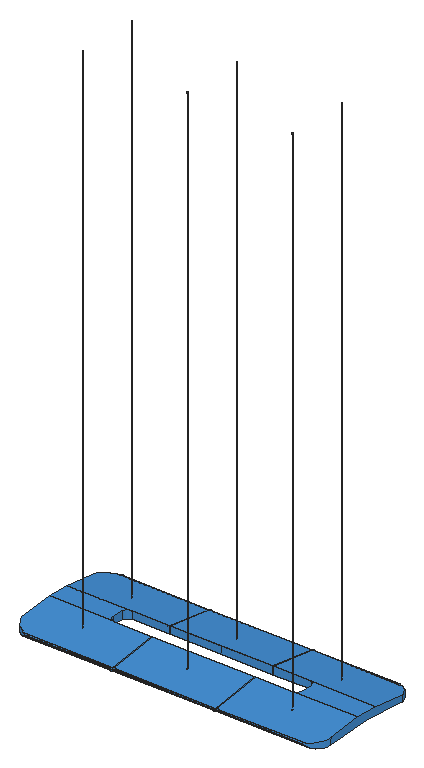
Revit family "Haworth_BuzziZepp", category Furniture, Revit 2018
Family settings
  OmniClass Number = 23.40.70.14.64.21
  OmniClass Title = Systems Furniture
  Work Plane-Based = No
  Always vertical = Yes
  Cut with Voids When Loaded = No
  Shared = No
  Room Calculation Point = No
Parameters (values of type "HCBZ-ZPSS-22")
  Warranty = "http://www.haworth.com/resources/product-info/warranties"
  URL - Product = "https://www.haworth.com/products/architectural-interiors/acoustic-solutions/buzzizepp"
  URL = "http://www.haworth.com/our-brands/haworth-collection"
  Small = no
  Size = "Verify Final Dim. w/ Haworth"  # constant formula
  Screen Finish [instance] = Haworth _ Fabric _ Trevira CS _ Lavender BCS-6006
  Revision Number = "1"  # constant formula
  Model = "HCBZ-ZPSS"  # constant formula
  Medium = not(Small)  # yes
  Manufacturer = "Haworth"  # constant formula
  Description = "Haworth BuzziZepp Medium Suspended Screen"
  Cable Finish [instance] = Haworth _ Paint _ Black BTR-9005
  Author = "Haworth (Abd Rahman)"  # constant formula
  Assembly Code = "E2020200"
  Actual Width = if(Small, 78.73828", 118.10938")  # 118.10938"
  Actual Height = 196.85156"  # constant formula
  Actual Depth = 46.05859"  # constant formula
Types (2): name | Small | Medium | Description | Actual Width
  HCBZ-ZPSS-22 | no | yes | "Haworth BuzziZepp Medium Suspended Screen" | 118.10938"
  HCBZ-ZPSS-12 | yes | no | "Haworth BuzziZepp Small Suspended Screen" | 78.73828"
Reference planes (in)
  plane 1: z = 100.33461
  plane 2 "Back": y = 24.7793
  plane 3 "Front": y = -21.2793
  plane 4 "Right": x = 91.36077
  plane 5 "Left": x = -26.74861
  plane 6: x = 32.30608
  plane 7: y = 1.75
  plane 8: x = 12.62118
  plane 9: x = 51.99098
  plane 10 "left 1": x = 12.57431
  plane 11 "right 1": x = 52.03785
  plane 12: z = 297.18617
  plane 13: z = 296.98894
  plane 14: x = -7.85148
  plane 15: x = 72.46364
Forms (in)
  Extrusion 1, void
    sketch origin (0, 0, 0) x (1, 0, 0) y (0, 1, 0)
      loop
        arc (-1.91854, 5.89268) -> (-3.33276, 5.3069) -> (-3.91854, 3.89268) r 2
        line (-3.91854, 3.89268) -> (-3.91854, -0.45377)
        arc (-3.91854, -0.45377) -> (-3.33276, -1.86799) -> (-1.91854, -2.45377) r 2
        line (-1.91854, -2.45377) -> (32.30608, -2.45377) -> (66.5307, -2.45377)
        arc (66.5307, -2.45377) -> (67.94491, -1.86799) -> (68.5307, -0.45377) r 2
        line (68.5307, -0.45377) -> (68.5307, 3.89268)
        arc (68.5307, 3.89268) -> (67.94491, 5.3069) -> (66.5307, 5.89268) r 2
        line (66.5307, 5.89268) -> (32.2938, 5.89268) -> (-1.91854, 5.89268)
    from 79.4813 to 114.4278
  Extrusion 2, solid, material "Haworth _ Fabric _ Trevira CS _ Lavender BCS-6006" <- "Screen Finish"
    sketch origin (-26.74861, 0, 0) x (0, 1, 0) y (0, 0, -1)
      loop
        arc (-20.87453, -96.49282) -> (-21.04153, -96.62915) -> (-21.16508, -96.80581) r 0.78379
        line (-21.16508, -96.80581) -> (-21.27009, -97.32086)
        arc (-21.27009, -97.32086) -> (-21.2401, -97.47434) -> (-21.11012, -97.56129) r 0.20362
        arc (-21.11012, -97.56129) -> (-11.73058, -99.13563) -> (-2.27522, -100.16053) r 163.08706
        arc (-2.27522, -100.16053) -> (1.81867, -100.32194) -> (5.91257, -100.16053) r 52
        arc (5.91257, -100.16053) -> (15.302, -99.14471) -> (24.61689, -97.58708) r 163.08706
        arc (24.61689, -97.58708) -> (24.74885, -97.49891) -> (24.7793, -97.34316) r 0.20652
        line (24.7793, -97.34316) -> (24.67235, -96.81923)
        arc (24.67235, -96.81923) -> (24.59469, -96.63911) -> (24.45149, -96.50507) r 0.48017
        arc (24.45149, -96.50507) -> (23.96667, -96.27265) -> (23.44544, -96.14078) r 2.70306
        arc (23.44544, -96.14078) -> (22.06957, -96.0101) -> (20.68762, -96.02703) r 12.92808
        arc (20.68762, -96.02703) -> (19.63908, -96.11593) -> (18.59465, -96.2443) r 27.90814
        arc (18.59465, -96.2443) -> (1.71227, -97.43741) -> (-15.17003, -96.24305) r 119.97606
        arc (-15.17003, -96.24305) -> (-15.82478, -96.15421) -> (-16.48061, -96.07369) r 52
        arc (-16.48061, -96.07369) -> (-18.17636, -95.98916) -> (-19.86849, -96.12854) r 12.87263
        arc (-19.86849, -96.12854) -> (-20.38972, -96.2604) -> (-20.87453, -96.49282) r 2.70306
    from -39.32292 to 0
  Extrusion 3, solid, material "Haworth _ Fabric _ Trevira CS _ Lavender BCS-6006" <- "Screen Finish"
    sketch origin (91.36077, 0, 0) x (0, 1, 0) y (0, 0, 1)
      loop
        arc (-20.87453, 96.49282) -> (-20.38972, 96.2604) -> (-19.86849, 96.12854) r 2.70306
        arc (-19.86849, 96.12854) -> (-18.17636, 95.98916) -> (-16.48061, 96.07369) r 12.87263
        arc (-16.48061, 96.07369) -> (-15.82478, 96.15421) -> (-15.17003, 96.24305) r 52
        arc (-15.17003, 96.24305) -> (1.71227, 97.43741) -> (18.59465, 96.2443) r 119.97606
        arc (18.59465, 96.2443) -> (19.63908, 96.11593) -> (20.68762, 96.02703) r 27.90814
        arc (20.68762, 96.02703) -> (22.06957, 96.0101) -> (23.44544, 96.14078) r 12.92808
        arc (23.44544, 96.14078) -> (23.96667, 96.27265) -> (24.45149, 96.50507) r 2.70306
        arc (24.45149, 96.50507) -> (24.59469, 96.63911) -> (24.67235, 96.81923) r 0.48017
        line (24.67235, 96.81923) -> (24.7793, 97.34316)
        arc (24.7793, 97.34316) -> (24.74885, 97.49891) -> (24.61689, 97.58708) r 0.20652
        arc (24.61689, 97.58708) -> (15.302, 99.14471) -> (5.91257, 100.16053) r 163.08706
        arc (5.91257, 100.16053) -> (1.81867, 100.32194) -> (-2.27522, 100.16053) r 52
        arc (-2.27522, 100.16053) -> (-11.73058, 99.13563) -> (-21.11012, 97.56129) r 163.08706
        arc (-21.11012, 97.56129) -> (-21.2401, 97.47434) -> (-21.27009, 97.32086) r 0.20362
        line (-21.27009, 97.32086) -> (-21.16508, 96.80581)
        arc (-21.16508, 96.80581) -> (-21.04153, 96.62915) -> (-20.87453, 96.49282) r 0.78379
    from -39.32292 to 0
  Extrusion 4, solid, material "Haworth _ Fabric _ Trevira CS _ Lavender BCS-6006" <- "Screen Finish", visible <- "Medium"
    sketch origin (13.25139, 0, 0) x (0, 1, 0) y (0, 0, -1)
      loop
        arc (-21.27009, -97.32086) -> (-21.2401, -97.47434) -> (-21.11012, -97.56129) r 0.20362
        arc (-21.11012, -97.56129) -> (-11.73058, -99.13563) -> (-2.27522, -100.16053) r 163.08706
        arc (-2.27522, -100.16053) -> (1.81867, -100.32194) -> (5.91257, -100.16053) r 52
        arc (5.91257, -100.16053) -> (15.302, -99.14471) -> (24.61689, -97.58708) r 163.08706
        arc (24.61689, -97.58708) -> (24.74885, -97.49891) -> (24.7793, -97.34316) r 0.20652
        line (24.7793, -97.34316) -> (24.67235, -96.81923)
        arc (24.67235, -96.81923) -> (24.59469, -96.63911) -> (24.45149, -96.50507) r 0.48017
        arc (24.45149, -96.50507) -> (23.96667, -96.27265) -> (23.44544, -96.14078) r 2.70306
        arc (23.44544, -96.14078) -> (22.06957, -96.0101) -> (20.68762, -96.02703) r 12.92808
        arc (20.68762, -96.02703) -> (19.63908, -96.11593) -> (18.59465, -96.2443) r 27.90814
        arc (18.59465, -96.2443) -> (1.71227, -97.43741) -> (-15.17003, -96.24305) r 119.97606
        arc (-15.17003, -96.24305) -> (-15.82478, -96.15421) -> (-16.48061, -96.07369) r 52
        arc (-16.48061, -96.07369) -> (-18.17636, -95.98916) -> (-19.86849, -96.12854) r 12.87263
        arc (-19.86849, -96.12854) -> (-20.38972, -96.2604) -> (-20.87453, -96.49282) r 2.70306
        arc (-20.87453, -96.49282) -> (-21.04153, -96.62915) -> (-21.16508, -96.80581) r 0.78379
        line (-21.16508, -96.80581) -> (-21.27009, -97.32086)
    from -38.73958 to 0.63021
  Extrusion 5, solid, material "Haworth _ Paint _ Black BTR-9005" <- "Cable Finish"
    sketch origin (0, 0, 0) x (1, 0, 0) y (0, 1, 0)
      loop
        circle (-7.85148, -10.09211) r 0.07949
      loop
        circle (-7.85148, 13.52961) r 0.07949
      loop
        circle (72.46364, -10.09211) r 0.07949
      loop
        circle (72.46364, 13.52961) r 0.07949
    from 296.98894 to 297.18617
  Extrusion 6, solid, material "Haworth _ Paint _ Black BTR-9005" <- "Cable Finish"
    sketch origin (0, 0, 0) x (1, 0, 0) y (0, 1, 0)
      loop
        circle (-7.85148, -10.09217) r 0.03111
      loop
        circle (-7.85148, 13.53062) r 0.03111
      loop
        circle (72.46364, -10.09217) r 0.03111
      loop
        circle (72.46364, 13.53062) r 0.03111
    from 100.33461 to 297.18617
  Extrusion 7, solid, material "Haworth _ Paint _ Black BTR-9005" <- "Cable Finish"
    sketch origin (0, 0, -197.68733) x (1, 0, 0) y (0, 1, 0)
      loop
        circle (-7.85148, -10.09211) r 0.07949
      loop
        circle (-7.85148, 13.52961) r 0.07949
      loop
        circle (72.46364, -10.09211) r 0.07949
      loop
        circle (72.46364, 13.52961) r 0.07949
    from 296.98894 to 297.18617
  Extrusion 8, solid, material "Haworth _ Paint _ Black BTR-9005" <- "Cable Finish", visible <- "Medium"
    sketch origin (12.20582, 0, 0) x (1, 0, 0) y (0, 1, 0)
      loop
        circle (20.10025, -10.09211) r 0.07949
      loop
        circle (20.10025, 13.52961) r 0.07949
    from 296.98894 to 297.18617
  Extrusion 9, solid, material "Haworth _ Paint _ Black BTR-9005" <- "Cable Finish", visible <- "Medium"
    sketch origin (9, 0, 0) x (1, 0, 0) y (0, 1, 0)
      loop
        circle (23.30608, -10.09217) r 0.03111
      loop
        circle (23.30608, 13.53062) r 0.03111
    from 99.49885 to 297.18617
  Extrusion 10, solid, material "Haworth _ Paint _ Black BTR-9005" <- "Cable Finish", visible <- "Medium"
    sketch origin (12.20582, 0, -197.6875) x (1, 0, 0) y (0, 1, 0)
      loop
        circle (20.10025, -10.09211) r 0.07949
      loop
        circle (20.10025, 13.52961) r 0.07949
    from 296.98894 to 297.18617
  Extrusion 11, void
    sketch origin (0, 0.1875, 0) x (1, 0, 0) y (0, 1, 0)
      loop
        line (91.66326, 16.40017) -> (91.66326, 24.90017) -> (83.16326, 24.90017)
        arc (83.16326, 24.90017) -> (89.17366, 22.41057) -> (91.66326, 16.40017) r 8.5
    from 87.39969 to 105.26189
  Extrusion 12, void
    sketch origin (64.61216, 0.1875, 0) x (-1, 0, 0) y (0, -1, 0)
      loop
        arc (91.66326, -16.40017) -> (89.17366, -22.41057) -> (83.16326, -24.90017) r 8.5
        line (83.16326, -24.90017) -> (91.66326, -24.90017) -> (91.66326, -16.40017)
    from 87.39969 to 105.26189
  Extrusion 13, void
    sketch origin (0, 3.3125, 0) x (1, 0, 0) y (0, 1, 0)
      loop
        arc (91.66326, -16.40017) -> (89.17366, -22.41057) -> (83.16326, -24.90017) r 8.5
        line (83.16326, -24.90017) -> (91.66326, -24.90017) -> (91.66326, -16.40017)
    from 87.39969 to 105.26189
  Extrusion 14, void
    sketch origin (64.61216, 3.3125, 0) x (-1, 0, 0) y (0, -1, 0)
      loop
        line (91.66326, 16.40017) -> (91.66326, 24.90017) -> (83.16326, 24.90017)
        arc (83.16326, 24.90017) -> (89.17366, 22.41057) -> (91.66326, 16.40017) r 8.5
    from 87.39969 to 105.26189
Cuts and joins
  Extrusion 1, Extrusion 12, Extrusion 14 cuts Extrusion 2
  Extrusion 1, Extrusion 11, Extrusion 12, Extrusion 13 cuts Extrusion 3
  Extrusion 1 cuts Extrusion 4
  joined: Extrusion 5, Extrusion 6, Extrusion 7
  joined: Extrusion 8, Extrusion 9, Extrusion 10
Lines and regions (in)
  Masking region 1
    outline origin (0, 0, 0) x (1, 0, 0) y (0, 1, 0)
      loop
        line (-26.74861, 18.83507) -> (-26.74861, -15.33507)
        arc (-26.74861, -15.33507) -> (-24.56933, -19.09024) -> (-20.81984, -21.2793) r 8.5
        line (-20.81984, -21.2793) -> (85.432, -21.2793)
        arc (85.432, -21.2793) -> (89.18149, -19.09024) -> (91.36077, -15.33507) r 8.5
        line (91.36077, -15.33507) -> (91.36077, 18.83507)
        arc (91.36077, 18.83507) -> (89.18149, 22.59024) -> (85.432, 24.7793) r 8.5
        line (85.432, 24.7793) -> (-20.81984, 24.7793)
        arc (-20.81984, 24.7793) -> (-24.56933, 22.59024) -> (-26.74861, 18.83507) r 8.5
  symbolic lines
    curve 1: line (66.5307, 5.89268, 0) -> (-1.91854, 5.89268, 0)
    curve 2: line (-1.91854, -2.45377, 0) -> (66.5307, -2.45377, 0)
    curve 3: line (-3.91854, 3.89268, 0) -> (-3.91854, -0.45377, 0)
    curve 4: arc (-1.91854, 5.89268, 0) -> (-3.33276, 5.3069, 0) -> (-3.91854, 3.89268, 0) r 2
    curve 5: arc (-3.91854, -0.45377, 0) -> (-3.33276, -1.86799, 0) -> (-1.91854, -2.45377, 0) r 2
    curve 6: arc (66.5307, -2.45377, 0) -> (67.94491, -1.86799, 0) -> (68.5307, -0.45377, 0) r 2
    curve 7: arc (68.5307, 3.89268, 0) -> (67.94491, 5.3069, 0) -> (66.5307, 5.89268, 0) r 2
    curve 8: line (68.5307, -0.45377, 0) -> (68.5307, 3.89268, 0)
    curve 9: line (52.03785, -21.2742, 0) -> (52.03785, -2.45377, 0)
    curve 10: line (52.03785, 24.7742, 0) -> (52.03785, 5.95377, 0)
  symbolic lines, visible <- "Medium"
    curve 11: line (12.57431, -21.2742, 0) -> (12.57431, -2.45377, 0)
    curve 12: line (12.57431, 24.7742, 0) -> (12.57431, 5.95377, 0)
Dimensions and locks (in)
  "Actual Width": plane 5 "Left" to plane 4 "Right"
  "Actual Depth": plane 3 "Front" to plane 2 "Back"
  equal spacing: plane 5 "Left", plane 6, plane 4 "Right"
  equal spacing: plane 2 "Back", plane 7, plane 3 "Front"
  locked: plane 5 "Left" to plane 10 "left 1" at 39.32292
  locked: plane 11 "right 1" to plane 4 "Right" at 39.32292
  "Actual Height": plane 12 to plane 1
  locked: plane 12 to plane 13 at 0.19723
  locked: plane 15 to plane 4 "Right" at 18.89713
  locked: plane 5 "Left" to plane 14 at 18.89713
  aligned and locked: plane 4 "Right" to cut or joined group of Extrusion 1, Extrusion 3, Extrusion 11, Extrusion 12, Extrusion 13  (x2)
  aligned and locked: plane 5 "Left" to cut or joined group of Extrusion 1, Extrusion 2, Extrusion 12, Extrusion 14  (x2)
  aligned and locked: plane 8 to Extrusion 4
  aligned and locked: Extrusion 4 to plane 9
  aligned and locked: cut or joined group of Extrusion 1, Extrusion 2, Extrusion 12, Extrusion 14 to plane 10 "left 1"
  aligned and locked: cut or joined group of Extrusion 1, Extrusion 3, Extrusion 11, Extrusion 12, Extrusion 13 to plane 11 "right 1"
  aligned and locked: plane 12 to Extrusion 5
  aligned and locked: plane 12 to Extrusion 6
  aligned and locked: cut or joined group of Extrusion 5, Extrusion 6, Extrusion 7 to plane 13
  aligned and locked: plane 12 to cut or joined group of Extrusion 5, Extrusion 6, Extrusion 7
  aligned and locked: cut or joined group of Extrusion 5, Extrusion 6, Extrusion 7 to plane 12  (x6)
  aligned and locked: plane 13 to cut or joined group of Extrusion 5, Extrusion 6, Extrusion 7  (x6)
  aligned and locked: plane 12 to cut or joined group of Extrusion 8, Extrusion 9, Extrusion 10
  aligned and locked: cut or joined group of Extrusion 8, Extrusion 9, Extrusion 10 to plane 13
  aligned and locked: cut or joined group of Extrusion 8, Extrusion 9, Extrusion 10 to plane 12
  aligned and locked: plane 13 to cut or joined group of Extrusion 8, Extrusion 9, Extrusion 10
  aligned and locked: cut or joined group of Extrusion 1, Extrusion 4 to plane 9
  aligned and locked: plane 5 "Left" to Masking region 1
  aligned and locked: plane 4 "Right" to Masking region 1
  aligned and locked: plane 2 "Back" to Masking region 1
  aligned and locked: plane 3 "Front" to Masking region 1
  aligned and locked: plane 14 to Extrusion 7 sketch curve  (x2)
  aligned and locked: plane 14 to Extrusion 6 sketch curve  (x2)
  aligned and locked: plane 15 to Extrusion 6 sketch curve  (x2)
  aligned and locked: plane 15 to Extrusion 7 sketch curve  (x2)
  aligned and locked: plane 6 to Extrusion 9 sketch curve  (x2)
  aligned and locked: plane 6 to Extrusion 10 sketch curve  (x2)
  aligned and locked: plane 14 to Extrusion 5 sketch curve  (x2)
  aligned and locked: plane 15 to Extrusion 5 sketch curve  (x2)
  aligned and locked: plane 6 to Extrusion 8 sketch curve  (x2)
  aligned and locked: plane 2 "Back" to Extrusion 3 sketch curve
  aligned and locked: plane 2 "Back" to Extrusion 4 sketch curve
  aligned and locked: plane 2 "Back" to Extrusion 2 sketch curve
  aligned and locked: plane 11 "right 1" to curve 9
  aligned and locked: curve 10 to plane 11 "right 1"
  aligned and locked: curve 11 to plane 10 "left 1"
  aligned and locked: plane 10 "left 1" to curve 12
  aligned and locked: Extrusion 6 to plane 1
Automatic sketch dimensions
  Extrusion 1 sketch curve to plane 6 = 0"
  plane 6 to Extrusion 1 sketch curve = 0.01227"
  plane 7 to Extrusion 1 sketch curve = 2.14268"
  Extrusion 1 sketch curve to plane 14 = 5.93294"  (x2)
  Extrusion 1 sketch curve to Extrusion 1 sketch curve = 2"  (x2)
  Extrusion 1 sketch curve to plane 15 = 5.93294"  (x2)
  Extrusion 1 sketch curve to plane 7 = 2.20377"
  curve 2 to plane 14 = 5.93294"
  plane 7 to curve 4 = 2.14268"
  curve 4 to curve 5 = 0"
  curve 3 to curve 5 = 2"
  plane 7 to curve 7 = 2.14268"
  curve 7 to plane 15 = 5.93294"
  curve 2 to curve 8 = 2"
  curve 6 to plane 7 = 2.20377"
  curve 9 to plane 3 "Front" = 0.0051"
  curve 11 to plane 3 "Front" = 0.0051"
  plane 7 to curve 12 = 4.20377"
  plane 7 to curve 10 = 4.20377"
  curve 12 to plane 2 "Back" = 0.0051"
  curve 10 to plane 2 "Back" = 0.0051"
  Extrusion 2 sketch curve to plane 2 "Back" = 0.10695"
  Extrusion 2 sketch curve to plane 2 "Back" = 0.20235"
  Extrusion 2 sketch curve to Extrusion 2 sketch curve = 0.47047"
  Extrusion 2 sketch curve to plane 2 "Back" = 1.73293"
  Extrusion 2 sketch curve to plane 2 "Back" = 2.25859"
  Extrusion 2 sketch curve to plane 2 "Back" = 3.24253"
  plane 7 to Extrusion 2 sketch curve = 8.81442"
  plane 7 to Extrusion 2 sketch curve = 0.06867"
  Extrusion 2 sketch curve to plane 7 = 0.03331"
  Extrusion 2 sketch curve to plane 7 = 8.67707"
  Extrusion 2 sketch curve to plane 3 "Front" = 3.31129"
  Extrusion 2 sketch curve to plane 3 "Front" = 1.80988"
  Extrusion 2 sketch curve to plane 3 "Front" = 0.8122"
  Extrusion 2 sketch curve to plane 3 "Front" = 0.20872"
  Extrusion 2 sketch curve to plane 3 "Front" = 0.11422"
  Extrusion 2 sketch curve to plane 3 "Front" = 0.00921"
  plane 3 "Front" to Extrusion 2 sketch curve = 1.20977"
  plane 1 to Extrusion 2 sketch curve = 47.39079"
  plane 1 to Extrusion 2 sketch curve = 23.54029"
  plane 1 to Extrusion 2 sketch curve = 8.59258"
  plane 1 to Extrusion 2 sketch curve = 8.52549"
  Extrusion 2 sketch curve to plane 1 = 1.52039"
  Extrusion 2 sketch curve to plane 1 = 1.53263"
  Extrusion 2 sketch curve to Extrusion 2 sketch curve = 1.42976"
  Extrusion 2 sketch curve to Extrusion 2 sketch curve = 1.44044"
  Extrusion 2 sketch curve to Extrusion 2 sketch curve = 0.0413"
  Extrusion 2 sketch curve to Extrusion 2 sketch curve = 0.04068"
  Extrusion 2 sketch curve to Extrusion 2 sketch curve = 0.19915"
  Extrusion 2 sketch curve to Extrusion 2 sketch curve = 0.46919"
  Extrusion 2 sketch curve to Extrusion 2 sketch curve = 0.09604"
  Extrusion 2 sketch curve to Extrusion 2 sketch curve = 0.51505"
  level to Extrusion 2 sketch curve = 48.32194"
  Extrusion 2 sketch curve to level = 22.53865"
  Extrusion 2 sketch curve to Extrusion 2 sketch curve = 39.88166"
  Extrusion 2 sketch curve to Extrusion 2 sketch curve = 0"  (x11)
  Extrusion 3 sketch curve to plane 2 "Back" = 0.10695"
  Extrusion 3 sketch curve to plane 2 "Back" = 0.20235"
  Extrusion 3 sketch curve to Extrusion 3 sketch curve = 0.47047"
  Extrusion 3 sketch curve to plane 2 "Back" = 1.73293"
  Extrusion 3 sketch curve to plane 2 "Back" = 2.25859"
  Extrusion 3 sketch curve to plane 2 "Back" = 3.24253"
  plane 7 to Extrusion 3 sketch curve = 8.81442"
  plane 7 to Extrusion 3 sketch curve = 0.06867"
  Extrusion 3 sketch curve to plane 7 = 0.03331"
  Extrusion 3 sketch curve to plane 7 = 8.67707"
  Extrusion 3 sketch curve to plane 3 "Front" = 3.31129"
  Extrusion 3 sketch curve to plane 3 "Front" = 1.80988"
  Extrusion 3 sketch curve to plane 3 "Front" = 0.8122"
  Extrusion 3 sketch curve to plane 3 "Front" = 0.20872"
  Extrusion 3 sketch curve to plane 3 "Front" = 0.11422"
  Extrusion 3 sketch curve to plane 3 "Front" = 0.00921"
  plane 3 "Front" to Extrusion 3 sketch curve = 1.20977"
  Extrusion 3 sketch curve to level = 62.42031"
  Extrusion 3 sketch curve to Extrusion 3 sketch curve = 0"  (x11)
  Extrusion 3 sketch curve to level = 22.53865"
  level to Extrusion 3 sketch curve = 48.32194"
  Extrusion 3 sketch curve to plane 1 = 3.5288"
  Extrusion 3 sketch curve to plane 1 = 3.51538"
  Extrusion 3 sketch curve to Extrusion 3 sketch curve = 0.09604"
  Extrusion 3 sketch curve to Extrusion 3 sketch curve = 0.35659"
  Extrusion 3 sketch curve to Extrusion 3 sketch curve = 0.51505"
  Extrusion 3 sketch curve to Extrusion 3 sketch curve = 0.52392"
  Extrusion 3 sketch curve to Extrusion 3 sketch curve = 0.04068"
  Extrusion 3 sketch curve to Extrusion 3 sketch curve = 0.0413"
  Extrusion 3 sketch curve to plane 1 = 1.53263"
  Extrusion 3 sketch curve to plane 1 = 1.52039"
  plane 1 to Extrusion 3 sketch curve = 8.52549"
  plane 1 to Extrusion 3 sketch curve = 8.59258"
  Extrusion 3 sketch curve to Extrusion 3 sketch curve = 14.94771"
  Extrusion 3 sketch curve to Extrusion 3 sketch curve = 38.8653"
  Extrusion 4 sketch curve to plane 2 "Back" = 0.10695"
  Extrusion 4 sketch curve to plane 2 "Back" = 0.20235"
  Extrusion 4 sketch curve to Extrusion 4 sketch curve = 0.47047"
  Extrusion 4 sketch curve to plane 2 "Back" = 1.73293"
  Extrusion 4 sketch curve to plane 2 "Back" = 2.25859"
  Extrusion 4 sketch curve to plane 2 "Back" = 3.24253"
  plane 7 to Extrusion 4 sketch curve = 8.81442"
  plane 7 to Extrusion 4 sketch curve = 0.06867"
  Extrusion 4 sketch curve to plane 7 = 0.03331"
  Extrusion 4 sketch curve to plane 7 = 8.67707"
  Extrusion 4 sketch curve to plane 3 "Front" = 3.31129"
  Extrusion 4 sketch curve to plane 3 "Front" = 1.80988"
  Extrusion 4 sketch curve to plane 3 "Front" = 0.8122"
  Extrusion 4 sketch curve to plane 3 "Front" = 0.20872"
  Extrusion 4 sketch curve to plane 3 "Front" = 0.11422"
  Extrusion 4 sketch curve to plane 3 "Front" = 0.00921"
  plane 3 "Front" to Extrusion 4 sketch curve = 1.20977"
  plane 1 to Extrusion 4 sketch curve = 47.39079"
  plane 1 to Extrusion 4 sketch curve = 23.54029"
  plane 1 to Extrusion 4 sketch curve = 8.59258"
  plane 1 to Extrusion 4 sketch curve = 8.52549"
  Extrusion 4 sketch curve to plane 1 = 1.52039"
  Extrusion 4 sketch curve to plane 1 = 1.53263"
  Extrusion 4 sketch curve to Extrusion 4 sketch curve = 1.42976"
  Extrusion 4 sketch curve to Extrusion 4 sketch curve = 1.44044"
  Extrusion 4 sketch curve to Extrusion 4 sketch curve = 0.0413"
  Extrusion 4 sketch curve to Extrusion 4 sketch curve = 0.04068"
  Extrusion 4 sketch curve to Extrusion 4 sketch curve = 0.19915"
  Extrusion 4 sketch curve to Extrusion 4 sketch curve = 0.46919"
  Extrusion 4 sketch curve to Extrusion 4 sketch curve = 0.09604"
  Extrusion 4 sketch curve to Extrusion 4 sketch curve = 0.51505"
  level to Extrusion 4 sketch curve = 48.32194"
  Extrusion 4 sketch curve to level = 22.53865"
  Extrusion 4 sketch curve to Extrusion 4 sketch curve = 39.88166"
  Extrusion 4 sketch curve to Extrusion 4 sketch curve = 0"  (x11)
  Extrusion 5 sketch curve to plane 3 "Front" = 11.18718"  (x2)
  Extrusion 5 sketch curve to plane 2 "Back" = 11.24968"  (x2)
  Extrusion 6 sketch curve to plane 3 "Front" = 11.18713"  (x2)
  Extrusion 6 sketch curve to plane 2 "Back" = 11.24867"  (x2)
  Extrusion 7 sketch curve to plane 3 "Front" = 11.18718"  (x2)
  Extrusion 7 sketch curve to plane 2 "Back" = 11.24968"  (x2)
  Extrusion 8 sketch curve to plane 3 "Front" = 11.18718"
  Extrusion 8 sketch curve to plane 2 "Back" = 11.24968"
  Extrusion 9 sketch curve to plane 3 "Front" = 11.18713"
  Extrusion 9 sketch curve to plane 2 "Back" = 11.24867"
  Extrusion 10 sketch curve to plane 3 "Front" = 11.18718"
  Extrusion 10 sketch curve to plane 2 "Back" = 11.24968"
  Extrusion 11 sketch curve to plane 4 "Right" = 8.19751"
  plane 4 "Right" to Extrusion 11 sketch curve = 0.30249"
  Extrusion 11 sketch curve to plane 2 "Back" = 8.19163"
  plane 5 "Left" to Extrusion 12 sketch curve = 8.19751"
  Extrusion 12 sketch curve to plane 5 "Left" = 0.30249"
  plane 2 "Back" to Extrusion 12 sketch curve = 8.19163"
  plane 4 "Right" to Extrusion 13 sketch curve = 8.19751"
  Extrusion 13 sketch curve to plane 4 "Right" = 0.30249"
  plane 3 "Front" to Extrusion 13 sketch curve = 8.19163"
  Extrusion 14 sketch curve to plane 5 "Left" = 8.19751"
  plane 5 "Left" to Extrusion 14 sketch curve = 0.30249"
  Extrusion 14 sketch curve to plane 3 "Front" = 8.19163"
  Masking region 1 sketch curve to plane 5 "Left" = 0"
  plane 3 "Front" to Masking region 1 sketch curve = 0"
  Masking region 1 sketch curve to plane 2 "Back" = 0"
  Masking region 1 sketch curve to plane 4 "Right" = 0"
  Masking region 1 sketch curve to plane 5 "Left" = 5.92877"  (x2)
  Masking region 1 sketch curve to plane 5 "Left" = 8.19751"  (x2)
  Masking region 1 sketch curve to plane 4 "Right" = 8.19751"  (x2)
  Masking region 1 sketch curve to plane 4 "Right" = 5.92877"  (x2)
  Masking region 1 sketch curve to plane 3 "Front" = 5.94423"  (x2)
  Masking region 1 sketch curve to plane 2 "Back" = 8.19163"  (x2)
  radius of Extrusion 5 sketch curve = 0.07949"  (x4)
  radius of Extrusion 6 sketch curve = 0.03111"  (x4)
  radius of Extrusion 7 sketch curve = 0.07949"  (x4)
  radius of Extrusion 8 sketch curve = 0.07949"  (x2)
  radius of Extrusion 9 sketch curve = 0.03111"  (x2)
  radius of Extrusion 10 sketch curve = 0.07949"  (x2)
